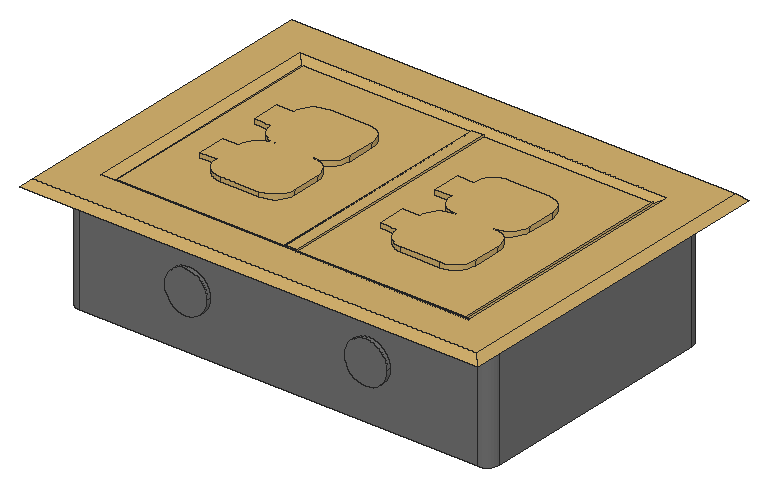
Revit family "Electrical_Equipment-Floor_Box-Hubbell_Wiring-2_Gang-Rectangular_Cast_Iron-B4214", category Electrical Fixtures, host Face, Revit 2015
Parameters (values of type "B4214 - 2 Gang - Brass Collar")
  Unit Height [instance] = 0' - 2"  # constant formula
  URL = "http://www.hubbell-wiring.com/"
  Right Cover Type [instance] = Covers : S3825 - Duplex Flap - Brass
  Product data url = "https://bimobject.com/hubbellwiring/product/systemone-b4214"
  Product Page URL = "http://ecatalog.hubbell-wiring.com/productinformation/viewcatalog.aspx?Dest=hubbell-wiring.com/press/catalog/L.pdf&Page=4"
  Product Documentation Link = "http://ecatalog.hubbell-wiring.com/press/catalog/L-12.pdf"
  Model = "B4214"
  Manufacturer = "Hubbell-Wiring"  # constant formula
  Left Cover Type [instance] = Covers : S3825 - Duplex Flap - Brass
  Floor Box Type = Cast Iron Concrete Floor Box : B4214 - Shallow Concrete Floor Box
  Description = "Flush Rectangular Cast Iron Concrete Floor Box"  # constant formula
  Default Elevation = 0' - 0"
  Cover Accessory Type [instance] = Carpet Flange : SB3084 - Carpet Flange - Brass
  Construction Note [instance] = "Match Collar Material to Covers"  # constant formula
  Conduit Connector_4 Description = "Conduit 0.75in. Connection"
  Conduit Connector_3 Description = "Conduit 0.75in. Connection"
  Conduit Connector_2 Description = "Conduit 0.75in. Connection"
  Conduit Connector_1 Description = "Conduit 0.75in. Connection"
  Conduit Connector 1 Radius = 0' - 0 3/8"
  Collar Material = Metal-Hubbell-Brass
  Box Material = Metal-Hubbell-Cast Iron
  Assembly Code = "D5020115"
Reference planes (in)
  plane 1 "Center (Front/Back)": y = 0
  plane 2: z = 0
  plane 3 "Center (Left/Right)": x = 0
  plane 4: y = -2.078
  plane 5: y = 2.078
  plane 6: x = -3.09543
  plane 7: x = 3.10096
Forms (in)
  Extrusion 1, void, detail levels fine
    sketch origin (0, 0, 0) x (1, 0, 0) y (0, 1, 0)
      loop
        line (-3.09543, 2.078) -> (-3.09543, -2.078) -> (3.10096, -2.078) -> (3.10096, 2.078) -> (-3.09543, 2.078)
    from 0 to -3.14844
Lines and regions (in)
  symbolic lines
    curve 1: line (-4.06445, 3, 0) -> (4.06445, 3, 0)
    curve 2: line (-4.06445, -3, 0) -> (-4.06445, 3, 0)
    curve 3: line (4.06445, -3, 0) -> (-4.06445, -3, 0)
    curve 4: line (4.06445, 3, 0) -> (4.06445, -3, 0)
Dimensions and locks (in)
  locked: host face to nested 3 at 0.04297
  plane 5 to plane 1 "Center (Front/Back)" to plane 4 = 0' - 2.078" locked, 0' - 2.078" locked
  plane 6 to plane 3 "Center (Left/Right)" to plane 7 = 0' - 3.09543" locked, 0' - 3.10096" locked
  Extrusion 1 to plane 3 "Center (Left/Right)" = 0' - 3.09543"
  aligned and locked: plane 2 to host face
  aligned and locked: level to host face
  aligned: level to Extrusion 1
  aligned and locked: plane 1 "Center (Front/Back)" to nested 1
  aligned: plane 2 to nested 1  (x5)
  aligned: Extrusion 1 to nested 1  (x8)
  aligned and locked: plane 1 "Center (Front/Back)" to nested 2
  aligned and locked: plane 3 "Center (Left/Right)" to nested 2
  aligned and locked: plane 3 "Center (Left/Right)" to nested 1
  aligned: nested 2 to plane 2  (x2)
  aligned: nested 2 to Extrusion 1
  aligned: nested 1 to Extrusion 1
  aligned: Extrusion 1 to nested 2
  aligned and locked: nested 2 to plane 2
  aligned and locked: host face to Extrusion 1
  aligned: plane 3 "Center (Left/Right)" to nested 3
  aligned and locked: plane 1 "Center (Front/Back)" to nested 3
  aligned and locked: Extrusion 1 to plane 5
  aligned and locked: Extrusion 1 to plane 4
  aligned and locked: plane 6 to Extrusion 1
  aligned and locked: nested 1 to plane 2
  aligned: nested 3 to nested 1
  aligned and locked: plane 1 "Center (Front/Back)" to nested 4
  aligned: nested 1 to nested 4
  aligned and locked: nested 3 to nested 4
  aligned and locked: Extrusion 1 sketch curve to plane 7
  aligned and locked: nested 4 to nested 1
  aligned and locked: nested 3 to nested 1
  aligned and locked: curve 1 to nested 2
  aligned and locked: curve 2 to nested 2
  aligned and locked: curve 3 to nested 2
  aligned and locked: curve 4 to nested 2
Nested families (in)
  nested 1: "Cast Iron Concrete Floor Box" at (0, 0, -0.0625), Unit Height <- "Unit Height", type <- "Floor Box Type", type "B4214 - Shallow Concrete Floor Box"
    with Unit Height 0' - 2"
  nested 2: "Carpet Flange" at (0, 0, 0), type <- "Cover Accessory Type", type "SB3084 - Carpet Flange - Brass"
  nested 3: "Covers" at (-1.59787, 0, -0.04297), type <- "Left Cover Type", type "S3825 - Duplex Flap - Brass"
  nested 4: "Covers" at (1.60446, 0, -0.04297), type <- "Right Cover Type", type "S3825 - Duplex Flap - Brass"
Connectors (in)
  cabletrayconduit at (-1.59787, -2.4075, -1.0625), diameter 0.75, driven by "Conduit Connector 1 Radius", driven by "Conduit Connector_1 Description"
    settings: on nested 1, index 1, connector width 1' - 0", connector height 1' - 0", connector angle 0.00°, system type 32, placement type 0, profile type 0, connector reference index -1, is primary connector yes, connector utility param no, connector description "Conduit 0.75in. Connection"
  cabletrayconduit at (1.59787, -2.4075, -1.0625), diameter 0.75, driven by "Conduit Connector 1 Radius", driven by "Conduit Connector_2 Description"
    settings: on nested 1, index 2, connector width 1' - 0", connector height 1' - 0", connector angle 0.00°, system type 32, placement type 0, profile type 0, connector reference index -1, is primary connector no, connector utility param no, connector description "Conduit 0.75in. Connection"
  cabletrayconduit at (1.59787, 2.4075, -2.4375), diameter 0.75, driven by "Conduit Connector 1 Radius", driven by "Conduit Connector_3 Description"
    settings: on nested 1, index 4, connector width 1' - 0", connector height 1' - 0", connector angle 0.00°, system type 32, placement type 0, profile type 0, connector reference index -1, is primary connector no, connector utility param no, connector description "Conduit 0.75in. Connection"
  cabletrayconduit at (-1.59787, 2.4075, -2.4375), diameter 0.75, driven by "Conduit Connector 1 Radius", driven by "Conduit Connector_4 Description"
    settings: on nested 1, index 5, connector width 1' - 0", connector height 1' - 0", connector angle 0.00°, system type 32, placement type 0, profile type 0, connector reference index -1, is primary connector no, connector utility param no, connector description "Conduit 0.75in. Connection"
Definition of nested family "Cast Iron Concrete Floor Box"
  Parameters
    Unit Height [instance] = 0' - 2"
    Cover Material = none
    Conduit Connector Offset = 0' - 1"  # constant formula
    Conduit Connector 1 Radius = 0' - 0 3/8"
    Can Material = none
    Assembly Code = ""
  Reference planes (in)
    plane 1 "Center (Front/Back)": y = 0
    plane 2: z = 0
    plane 3 "Center (Left/Right)": x = 0
    plane 4: z = -2
    plane 5: z = -1
    plane 6: z = -0.82416
    plane 7: x = -3.745
    plane 8: x = 3.745
    plane 9: x = -3.8075
    plane 10: x = 3.8075
    plane 11: x = -1.59787
    plane 12: x = 1.60446
    plane 13: x = -3.20233
    plane 14: x = 3.20233
  Forms (in)
    Extrusion 1, solid, material <- "Can Material"
      sketch origin (-1.59787, 0, 0) x (1, 0, 0) y (0, 0, -1)
        loop
          arc (-0.375, 1) -> (-0.26517, 0.73483) -> (0, 0.625) r 0.375
          arc (0, 0.625) -> (0.26517, 0.73483) -> (0.375, 1) r 0.375
          arc (0.375, 1) -> (0.26517, 1.26517) -> (0, 1.375) r 0.375
          arc (0, 1.375) -> (-0.26517, 1.26517) -> (-0.375, 1) r 0.375
      from -2.13518 to -2.4075
    Extrusion 2, solid, material <- "Can Material"
      sketch origin (-1.59787, 0, 0) x (1, 0, 0) y (0, 0, 1)
        loop
          arc (-0.375, -1) -> (-0.26517, -1.26517) -> (0, -1.375) r 0.375
          arc (0, -1.375) -> (0.26517, -1.26517) -> (0.375, -1) r 0.375
          arc (0.375, -1) -> (0.26517, -0.73483) -> (0, -0.625) r 0.375
          arc (0, -0.625) -> (-0.26517, -0.73483) -> (-0.375, -1) r 0.375
      from -2.345 to -2.4075
    Extrusion 3, solid, material <- "Can Material"
      sketch origin (0.92025, 0.30752, 7.9375) x (1, 0, 0) y (0, 1, 0)
        loop
          arc (-4.45543, 2.03748) -> (-4.6038, 1.97602) -> (-4.66525, 1.82766) r 0.20982
          line (-4.66525, 1.82766) -> (-4.66525, -2.43885)
          arc (-4.66525, -2.43885) -> (-4.60455, -2.5854) -> (-4.45801, -2.6461) r 0.20725
          line (-4.45801, -2.6461) -> (2.60836, -2.6461)
          arc (2.60836, -2.6461) -> (2.76137, -2.58272) -> (2.82475, -2.42971) r 0.21639
          line (2.82475, -2.42971) -> (2.82475, 1.83391)
          arc (2.82475, 1.83391) -> (2.76513, 1.97785) -> (2.62118, 2.03748) r 0.20357
          line (2.62118, 2.03748) -> (-4.45543, 2.03748)
        loop
          line (-4.12258, 1.77048) -> (-4.12258, -2.38552) -> (2.28208, -2.38552) -> (2.28208, 1.77048) -> (-4.12258, 1.77048)
      from -9.9375 to -7.9375
    Extrusion 4, solid, material <- "Cover Material"
      sketch origin (-1.59787, 0, 0.22509) x (1, 0, 0) y (0, 1, 0)
        loop
          line (-1.49661, 2.078) -> (-1.49661, -2.078) -> (1.4965, -2.078) -> (1.4965, 2.078) -> (-1.49661, 2.078)
        loop
          arc (-1.49742, 2.345) -> (-1.57311, 2.31365) -> (-1.60446, 2.23796) r 0.10704
          line (-1.60446, 2.23796) -> (-1.60446, -2.23167)
          arc (-1.60446, -2.23167) -> (-1.57315, -2.30726) -> (-1.49756, -2.33857) r 0.1069
          line (-1.49756, -2.33857) -> (1.49823, -2.33857)
          arc (1.49823, -2.33857) -> (1.56869, -2.30939) -> (1.59787, -2.23893) r 0.09964
          line (1.59787, -2.23893) -> (1.59787, 2.24543)
          arc (1.59787, 2.24543) -> (1.56871, 2.31584) -> (1.4983, 2.345) r 0.09957
          line (1.4983, 2.345) -> (-1.49742, 2.345)
      from -0.39425 to -0.22509
    Extrusion 5, solid, material <- "Cover Material"
      sketch origin (-1.59787, 0, 0) x (1, 0, 0) y (0, 1, 0)
        loop
          arc (-1.49742, 2.345) -> (-1.57311, 2.31365) -> (-1.60446, 2.23796) r 0.10704
          line (-1.60446, 2.23796) -> (-1.60446, -2.23167)
          arc (-1.60446, -2.23167) -> (-1.57315, -2.30726) -> (-1.49756, -2.33857) r 0.1069
          line (-1.49756, -2.33857) -> (1.49823, -2.33857)
          arc (1.49823, -2.33857) -> (1.56869, -2.30939) -> (1.59787, -2.23893) r 0.09964
          line (1.59787, -2.23893) -> (1.59787, 2.24543)
          arc (1.59787, 2.24543) -> (1.56871, 2.31584) -> (1.4983, 2.345) r 0.09957
          line (1.4983, 2.345) -> (-1.49742, 2.345)
        loop
          line (-1.49661, 2.078) -> (-1.49661, -2.078) -> (1.4965, -2.078) -> (1.4965, 2.078) -> (-1.49661, 2.078)
      from 0 to 0.0625
    Extrusion 6, solid, material <- "Can Material"
      sketch origin (1.60446, 0, 7.9375) x (1, 0, 0) y (0, 1, 0)
        loop
          line (-1.4965, 2.078) -> (-1.4965, -2.078) -> (1.49099, -2.078) -> (1.49099, 2.078) -> (-1.4965, 2.078)
        loop
          line (-1.59616, 2.23796) -> (-1.59616, -2.23167)
          arc (-1.59616, -2.23167) -> (-1.56485, -2.30726) -> (-1.48926, -2.33857) r 0.1069
          line (-1.48926, -2.33857) -> (1.49823, -2.33857)
          arc (1.49823, -2.33857) -> (1.56869, -2.30939) -> (1.59787, -2.23893) r 0.09964
          line (1.59787, -2.23893) -> (1.59787, 2.24543)
          arc (1.59787, 2.24543) -> (1.56871, 2.31584) -> (1.4983, 2.345) r 0.09957
          line (1.4983, 2.345) -> (-1.48911, 2.345)
          arc (-1.48911, 2.345) -> (-1.5648, 2.31365) -> (-1.59616, 2.23796) r 0.10704
      from -8.76166 to -8.10666
    Extrusion 7, solid, material <- "Can Material"
      sketch origin (1.59787, 0, 0) x (-1, 0, 0) y (0, 0, 1)
        loop
          arc (-0.375, -1) -> (-0.26517, -1.26517) -> (0, -1.375) r 0.375
          arc (0, -1.375) -> (0.26517, -1.26517) -> (0.375, -1) r 0.375
          arc (0.375, -1) -> (0.26517, -0.73483) -> (0, -0.625) r 0.375
          arc (0, -0.625) -> (-0.26517, -0.73483) -> (-0.375, -1) r 0.375
      from -2.13518 to -2.4075
    Extrusion 8, solid, material <- "Can Material"
      sketch origin (1.59787, 0, 0) x (-1, 0, 0) y (0, 0, -1)
        loop
          arc (-0.375, 1) -> (-0.26517, 0.73483) -> (0, 0.625) r 0.375
          arc (0, 0.625) -> (0.26517, 0.73483) -> (0.375, 1) r 0.375
          arc (0.375, 1) -> (0.26517, 1.26517) -> (0, 1.375) r 0.375
          arc (0, 1.375) -> (-0.26517, 1.26517) -> (-0.375, 1) r 0.375
      from -2.345 to -2.4075
    Extrusion 9, solid, material <- "Can Material"
      sketch origin (-1.60446, 0, 7.9375) x (-1, 0, 0) y (0, -1, 0)
        loop
          line (-1.4965, -2.078) -> (1.49002, -2.078) -> (1.49002, 2.078) -> (-1.4965, 2.078) -> (-1.4965, -2.078)
        loop
          arc (-1.59616, -2.23796) -> (-1.5648, -2.31365) -> (-1.48911, -2.345) r 0.10704
          line (-1.48911, -2.345) -> (1.4983, -2.345)
          arc (1.4983, -2.345) -> (1.56871, -2.31584) -> (1.59787, -2.24543) r 0.09957
          line (1.59787, -2.24543) -> (1.59787, 2.23893)
          arc (1.59787, 2.23893) -> (1.56869, 2.30939) -> (1.49823, 2.33857) r 0.09964
          line (1.49823, 2.33857) -> (-1.48926, 2.33857)
          arc (-1.48926, 2.33857) -> (-1.56485, 2.30726) -> (-1.59616, 2.23167) r 0.1069
          line (-1.59616, 2.23167) -> (-1.59616, -2.23796)
      from -8.76166 to -8.10666
    Extrusion 10, solid, material <- "Cover Material"
      sketch origin (1.60446, 0, 0.22509) x (1, 0, 0) y (0, 1, 0)
        loop
          line (-1.4965, 2.078) -> (-1.4965, -2.078) -> (1.49099, -2.078) -> (1.49099, 2.078) -> (-1.4965, 2.078)
        loop
          arc (-1.49742, 2.345) -> (-1.57311, 2.31365) -> (-1.60446, 2.23796) r 0.10704
          line (-1.60446, 2.23796) -> (-1.60446, -2.23167)
          arc (-1.60446, -2.23167) -> (-1.57315, -2.30726) -> (-1.49756, -2.33857) r 0.1069
          line (-1.49756, -2.33857) -> (1.49823, -2.33857)
          arc (1.49823, -2.33857) -> (1.56869, -2.30939) -> (1.59787, -2.23893) r 0.09964
          line (1.59787, -2.23893) -> (1.59787, 2.24543)
          arc (1.59787, 2.24543) -> (1.56871, 2.31584) -> (1.4983, 2.345) r 0.09957
          line (1.4983, 2.345) -> (-1.49742, 2.345)
      from -0.39425 to -0.22509
    Extrusion 11, solid, material <- "Cover Material"
      sketch origin (1.60446, 0, 0) x (1, 0, 0) y (0, 1, 0)
        loop
          arc (-1.49742, 2.345) -> (-1.57311, 2.31365) -> (-1.60446, 2.23796) r 0.10704
          line (-1.60446, 2.23796) -> (-1.60446, -2.23167)
          arc (-1.60446, -2.23167) -> (-1.57315, -2.30726) -> (-1.49756, -2.33857) r 0.1069
          line (-1.49756, -2.33857) -> (1.49823, -2.33857)
          arc (1.49823, -2.33857) -> (1.56869, -2.30939) -> (1.59787, -2.23893) r 0.09964
          line (1.59787, -2.23893) -> (1.59787, 2.24543)
          arc (1.59787, 2.24543) -> (1.56871, 2.31584) -> (1.4983, 2.345) r 0.09957
          line (1.4983, 2.345) -> (-1.49742, 2.345)
        loop
          line (-1.4965, 2.078) -> (-1.4965, -2.078) -> (1.49099, -2.078) -> (1.49099, 2.078) -> (-1.4965, 2.078)
      from 0 to 0.0625
    Extrusion 12, solid, material <- "Cover Material"
      sketch origin (0, 0, 0) x (1, 0, 0) y (0, 1, 0)
        loop
          line (-0.10796, 2.078) -> (-0.10796, -2.078) -> (0.10796, -2.078) -> (0.10796, 2.078) -> (-0.10796, 2.078)
      from 0.0625 to 0.125
    Extrusion 13, solid, material <- "Can Material"
      sketch origin (0.92025, 0.30752, 7.9375) x (1, 0, 0) y (0, 1, 0)
        loop
          arc (-4.45543, 2.03748) -> (-4.6038, 1.97602) -> (-4.66525, 1.82766) r 0.20982
          line (-4.66525, 1.82766) -> (-4.66525, -2.43885)
          arc (-4.66525, -2.43885) -> (-4.60455, -2.5854) -> (-4.45801, -2.6461) r 0.20725
          line (-4.45801, -2.6461) -> (2.60836, -2.6461)
          arc (2.60836, -2.6461) -> (2.76137, -2.58272) -> (2.82475, -2.42971) r 0.21639
          line (2.82475, -2.42971) -> (2.82475, 1.83391)
          arc (2.82475, 1.83391) -> (2.76513, 1.97785) -> (2.62118, 2.03748) r 0.20357
          line (2.62118, 2.03748) -> (-4.45543, 2.03748)
      from -9.9375 to -9.8029
  Cuts and joins
    joined: Extrusion 1, Extrusion 2, Extrusion 3, Extrusion 6, Extrusion 7, Extrusion 8, Extrusion 9, Extrusion 13
    joined: Extrusion 4, Extrusion 5, Extrusion 12
    joined: Extrusion 10, Extrusion 11
  Dimensions and locks (in)
    "Conduit Connector Offset": plane 5 to plane 4
    "Unit Height": level to plane 4
    locked: plane 9 to plane 7 at 0.0625
    plane 7 to plane 3 "Center (Left/Right)" = 0' - 3.745"
    equal spacing: plane 7, plane 3 "Center (Left/Right)", plane 8
    locked: plane 8 to plane 10 at 0.0625
    "Conduit Connector 1 Radius": radius of Extrusion 1 sketch curve
    "Conduit Connector 1 Radius": radius of Extrusion 2 sketch curve
    "Conduit Connector 1 Radius": radius of Extrusion 7 sketch curve
    "Conduit Connector 1 Radius": radius of Extrusion 8 sketch curve
    aligned and locked: plane 2 to level
    aligned: cut or joined group 1 (Extrusion 1, Extrusion 2, Extrusion 3, Extrusion 6, Extrusion 7, Extrusion 8, Extrusion 9, Extrusion 13) to cut or joined group 1  (x5)
    aligned: Extrusion 3 to cut or joined group 1
    aligned: plane 4 to Extrusion 3
    aligned: cut or joined group 1 to plane 4  (x5)
    aligned and locked: cut or joined group 1 to plane 4
    aligned: plane 5 to Extrusion 3
    aligned: plane 5 to cut or joined group 1
    aligned and locked: plane 8 to Extrusion 3 sketch curve
    aligned and locked: plane 7 to Extrusion 3 sketch curve
    aligned and locked: plane 11 to cut or joined group 1  (x2)
    aligned and locked: level to Extrusion 3
  Automatic sketch dimensions
    Extrusion 1 sketch curve to Extrusion 1 sketch curve = 0' - 0"
    Extrusion 1 sketch curve to plane 5 = 0' - 0"
    plane 11 to Extrusion 1 sketch curve = 0' - 0"
    Extrusion 2 sketch curve to Extrusion 2 sketch curve = 0' - 0"
    Extrusion 2 sketch curve to plane 5 = 0' - 0"
    plane 11 to Extrusion 2 sketch curve = 0' - 0"
    Extrusion 4 sketch curve to plane 3 "Center (Left/Right)" = 0' - 0"
    Extrusion 4 sketch curve to plane 3 "Center (Left/Right)" = 0' - 0.09957"
    Extrusion 4 sketch curve to plane 3 "Center (Left/Right)" = 0' - 0.09964"
    Extrusion 4 sketch curve to plane 3 "Center (Left/Right)" = 0' - 0.10137"
    plane 7 to Extrusion 4 sketch curve = 0' - 0.65052"
    Extrusion 4 sketch curve to Extrusion 4 sketch curve = 0' - 0.00081"
    Extrusion 4 sketch curve to Extrusion 4 sketch curve = 0' - 0.00095"
    Extrusion 4 sketch curve to Extrusion 4 sketch curve = 0' - 0.1069"
    plane 1 "Center (Front/Back)" to Extrusion 4 sketch curve = 0' - 2.33857"
    Extrusion 4 sketch curve to Extrusion 4 sketch curve = 0' - 0.16093"
    Extrusion 4 sketch curve to plane 1 "Center (Front/Back)" = 0' - 2.078"
    Extrusion 4 sketch curve to Extrusion 4 sketch curve = 0' - 0.15996"
    Extrusion 5 sketch curve to plane 3 "Center (Left/Right)" = 0' - 0"
    Extrusion 5 sketch curve to plane 3 "Center (Left/Right)" = 0' - 0.09957"
    Extrusion 5 sketch curve to plane 3 "Center (Left/Right)" = 0' - 0.09964"
    Extrusion 5 sketch curve to plane 3 "Center (Left/Right)" = 0' - 0.10137"
    plane 7 to Extrusion 5 sketch curve = 0' - 0.65052"
    Extrusion 5 sketch curve to Extrusion 5 sketch curve = 0' - 0.00081"
    Extrusion 5 sketch curve to Extrusion 5 sketch curve = 0' - 0.00095"
    Extrusion 5 sketch curve to Extrusion 5 sketch curve = 0' - 0.10704"
    plane 1 "Center (Front/Back)" to Extrusion 5 sketch curve = 0' - 2.33857"
    Extrusion 5 sketch curve to Extrusion 5 sketch curve = 0' - 0.15367"
    Extrusion 5 sketch curve to plane 1 "Center (Front/Back)" = 0' - 2.078"
    Extrusion 5 sketch curve to Extrusion 5 sketch curve = 0' - 0.15996"
    plane 3 "Center (Left/Right)" to Extrusion 6 sketch curve = 0' - 0.0083"
    plane 3 "Center (Left/Right)" to Extrusion 6 sketch curve = 0' - 0.10796"
    plane 3 "Center (Left/Right)" to Extrusion 6 sketch curve = 0' - 0.1152"
    Extrusion 6 sketch curve to Extrusion 6 sketch curve = 0' - 0.10704"
    plane 8 to Extrusion 6 sketch curve = 0' - 0.64955"
    Extrusion 6 sketch curve to Extrusion 6 sketch curve = 0' - 0.00724"
    Extrusion 6 sketch curve to Extrusion 6 sketch curve = 0' - 0.0073"
    Extrusion 6 sketch curve to Extrusion 6 sketch curve = 0' - 0.09957"
    plane 1 "Center (Front/Back)" to Extrusion 6 sketch curve = 0' - 2.33857"
    Extrusion 6 sketch curve to Extrusion 6 sketch curve = 0' - 0.15367"
    Extrusion 6 sketch curve to plane 1 "Center (Front/Back)" = 0' - 2.078"
    Extrusion 6 sketch curve to Extrusion 6 sketch curve = 0' - 0.15996"
    Extrusion 7 sketch curve to Extrusion 7 sketch curve = 0' - 0"
    Extrusion 7 sketch curve to plane 5 = 0' - 0"
    Extrusion 7 sketch curve to plane 12 = 0' - 0.36841"
    Extrusion 8 sketch curve to Extrusion 8 sketch curve = 0' - 0"
    Extrusion 8 sketch curve to plane 5 = 0' - 0"
    Extrusion 8 sketch curve to plane 12 = 0' - 0.36841"
    Extrusion 9 sketch curve to plane 3 "Center (Left/Right)" = 0' - 0.0083"
    Extrusion 9 sketch curve to plane 3 "Center (Left/Right)" = 0' - 0.10796"
    Extrusion 9 sketch curve to plane 3 "Center (Left/Right)" = 0' - 0.1152"
    Extrusion 9 sketch curve to Extrusion 9 sketch curve = 0' - 0.10704"
    plane 7 to Extrusion 9 sketch curve = 0' - 0.65052"
    Extrusion 9 sketch curve to Extrusion 9 sketch curve = 0' - 0.00821"
    Extrusion 9 sketch curve to Extrusion 9 sketch curve = 0' - 0.00827"
    Extrusion 9 sketch curve to Extrusion 9 sketch curve = 0' - 0.09957"
    Extrusion 9 sketch curve to plane 1 "Center (Front/Back)" = 0' - 2.345"
    Extrusion 9 sketch curve to Extrusion 9 sketch curve = 0' - 0.16743"
    plane 1 "Center (Front/Back)" to Extrusion 9 sketch curve = 0' - 2.078"
    Extrusion 9 sketch curve to Extrusion 9 sketch curve = 0' - 0.15367"
    Extrusion 10 sketch curve to plane 3 "Center (Left/Right)" = 0' - 0"
    plane 3 "Center (Left/Right)" to Extrusion 10 sketch curve = 0' - 0.1069"
    plane 3 "Center (Left/Right)" to Extrusion 10 sketch curve = 0' - 0.10704"
    plane 3 "Center (Left/Right)" to Extrusion 10 sketch curve = 0' - 0.10796"
    plane 8 to Extrusion 10 sketch curve = 0' - 0.64955"
    Extrusion 10 sketch curve to Extrusion 10 sketch curve = 0' - 0.00724"
    Extrusion 10 sketch curve to Extrusion 10 sketch curve = 0' - 0.0073"
    Extrusion 10 sketch curve to Extrusion 10 sketch curve = 0' - 0.09964"
    plane 1 "Center (Front/Back)" to Extrusion 10 sketch curve = 0' - 2.33857"
    Extrusion 10 sketch curve to Extrusion 10 sketch curve = 0' - 0.16093"
    Extrusion 10 sketch curve to plane 1 "Center (Front/Back)" = 0' - 2.078"
    Extrusion 10 sketch curve to Extrusion 10 sketch curve = 0' - 0.15996"
    Extrusion 11 sketch curve to plane 3 "Center (Left/Right)" = 0' - 0"
    Extrusion 11 sketch curve to Extrusion 11 sketch curve = 0' - 0.1069"
    Extrusion 11 sketch curve to Extrusion 11 sketch curve = 0' - 0.10704"
    plane 3 "Center (Left/Right)" to Extrusion 11 sketch curve = 0' - 0.10796"
    plane 8 to Extrusion 11 sketch curve = 0' - 0.64955"
    Extrusion 11 sketch curve to Extrusion 11 sketch curve = 0' - 0.00724"
    Extrusion 11 sketch curve to Extrusion 11 sketch curve = 0' - 0.0073"
    Extrusion 11 sketch curve to Extrusion 11 sketch curve = 0' - 0.09957"
    plane 1 "Center (Front/Back)" to Extrusion 11 sketch curve = 0' - 2.33857"
    Extrusion 11 sketch curve to Extrusion 11 sketch curve = 0' - 0.15367"
    Extrusion 11 sketch curve to plane 1 "Center (Front/Back)" = 0' - 2.078"
    Extrusion 11 sketch curve to Extrusion 11 sketch curve = 0' - 0.15996"
    Extrusion 12 sketch curve to plane 3 "Center (Left/Right)" = 0' - 0.10796"
    plane 3 "Center (Left/Right)" to Extrusion 12 sketch curve = 0' - 0.10796"
    plane 1 "Center (Front/Back)" to Extrusion 12 sketch curve = 0' - 2.078"
    Extrusion 12 sketch curve to plane 1 "Center (Front/Back)" = 0' - 2.078"
    plane 7 to Extrusion 3 sketch curve = 0' - 0.20725"
    plane 7 to Extrusion 3 sketch curve = 0' - 0.20982"
    Extrusion 3 sketch curve to Extrusion 3 sketch curve = 0' - 0.33285"
    plane 8 to Extrusion 3 sketch curve = 0' - 0.54267"
    Extrusion 3 sketch curve to Extrusion 3 sketch curve = 0' - 0.21639"
    plane 8 to Extrusion 3 sketch curve = 0' - 0.20357"
    plane 1 "Center (Front/Back)" to Extrusion 3 sketch curve = 0' - 2.33857"
    Extrusion 3 sketch curve to Extrusion 3 sketch curve = 0' - 0.05333"
    Extrusion 3 sketch curve to plane 1 "Center (Front/Back)" = 0' - 2.078"
    Extrusion 3 sketch curve to Extrusion 3 sketch curve = 0' - 0.05718"
    Extrusion 13 sketch curve to plane 7 = 0' - 0"
    Extrusion 13 sketch curve to plane 8 = 0' - 0"
    plane 7 to Extrusion 13 sketch curve = 0' - 0.20725"
    plane 7 to Extrusion 13 sketch curve = 0' - 0.20982"
    Extrusion 13 sketch curve to Extrusion 13 sketch curve = 0' - 0.21639"
    plane 8 to Extrusion 13 sketch curve = 0' - 0.20357"
    plane 1 "Center (Front/Back)" to Extrusion 13 sketch curve = 0' - 2.33857"
    Extrusion 13 sketch curve to plane 1 "Center (Front/Back)" = 0' - 2.13518"
Definition of nested family "Carpet Flange"
  Parameters
    Width = 0' - 6"
    Length = 0' - 8 33/256"  # constant formula
    Cover Material = none
    Carpet Flange On = yes
    Assembly Code = ""
  Reference planes (in)
    plane 1 "Center (Front/Back)": y = 0
    plane 2: z = 0
    plane 3 "Center (Left/Right)": x = 0
    plane 4: z = 0.125
  Forms (in)
    Sweep 1, solid, material <- "Cover Material", visible <- "Carpet Flange On"
      path in 3D
        loop
          line (-4.06445, -3, 0) -> (4.06445, -3, 0) -> (4.06445, 3, 0) -> (-4.06445, 3, 0) -> (-4.06445, -3, 0)
      profile origin (-4.06445, 0, 0) x (1, 0, 0) y (0, 0, 1)
        loop
          line (0, 0) -> (0.94094, 0) -> (0.94094, 0.03877) -> (0.79, 0.125) -> (0.125, 0.125) -> (0, 0)
  Lines and regions (in)
    Masking region 1
      outline origin (3.27995, 0.00006, 0) x (1, 0, 0) y (0, 1, 0)
        loop
          line (-7.3444, 3.00006) -> (-7.3444, -3.00006) -> (0.7845, -3.00006) -> (0.7845, 3.00006) -> (-7.3444, 3.00006)
    reference lines
      curve 1: line (-4.06445, 3, 0) -> (-4.06445, -3, 0)
      curve 2: line (-4.06445, -3, 0) -> (4.06445, -3, 0)
      curve 3: line (4.06445, -3, 0) -> (4.06445, 3, 0)
      curve 4: line (4.06445, 3, 0) -> (-4.06445, 3, 0)
    sketch lines
      curve 5: line (-4.06445, 3, 0) -> (-4.06445, -3, 0)
      curve 6: line (4.06445, 3, 0) -> (-4.06445, 3, 0)
      curve 7: line (4.06445, -3, 0) -> (4.06445, 3, 0)
      curve 8: line (-4.06445, -3, 0) -> (4.06445, -3, 0)
  Dimensions and locks (in)
    "Length": curve 1 to curve 3
    equal spacing: curve 1, plane 3 "Center (Left/Right)", curve 3
    aligned and locked: plane 2 to level
    aligned and locked: curve 7 to curve 3
    aligned and locked: Masking region 1 to curve 3
    aligned and locked: Masking region 1 to curve 1
    aligned and locked: curve 5 to curve 1
  Automatic sketch dimensions
    plane 1 "Center (Front/Back)" to curve 1 = 0' - 3"
    curve 3 to plane 1 "Center (Front/Back)" = 0' - 3"
    Masking region 1 sketch curve to plane 3 "Center (Left/Right)" = 0' - 4.06445"
    plane 3 "Center (Left/Right)" to Masking region 1 sketch curve = 0' - 4.06445"
    plane 1 "Center (Front/Back)" to Masking region 1 sketch curve = 0' - 3"
    Masking region 1 sketch curve to plane 1 "Center (Front/Back)" = 0' - 3.00011"
    profile plane to Sweep 1 sketch curve = 0' - 0"
    Sweep 1 sketch curve to plane 4 = 0' - 0"
    Sweep 1 sketch curve to profile plane = 0' - 0"
    Sweep 1 sketch curve to profile plane = 0' - 0 1/8"
    Sweep 1 sketch curve to Sweep 1 sketch curve = 0' - 0.665"
    Sweep 1 sketch curve to Sweep 1 sketch curve = 0' - 0.15094"
    profile plane to Sweep 1 sketch curve = 0' - 0.03877"
Definition of nested family "Covers"
  Parameters
    Style Line Flap = no
    Duplex Screw = no
    Duplex Flap = yes
    Cover Material = none
    Combination Flap = no
    Box = yes
    Assembly Code = ""
  Reference planes (in)
    plane 1 "Center (Front/Back)": y = 0
    plane 2: z = 0
    plane 3 "Center (Left/Right)": x = 0
  Forms (in)
    Extrusion 1, solid, material <- "Cover Material", visible <- "Duplex Flap", detail levels medium+fine
      sketch origin (0, 0, -0.03016) x (1, 0, 0) y (0, 1, 0)
        loop
          arc (-0.34332, 1.20711) -> (-0.59332, 1.10355) -> (-0.69687, 0.85355) r 0.35355
          line (-0.69687, 0.85355) -> (-0.98976, 0.85355) -> (-0.98976, 0.35355) -> (-0.69687, 0.35355)
          arc (-0.69687, 0.35355) -> (-0.59332, 0.10355) -> (-0.34332, 0) r 0.35355
          arc (-0.34332, 0) -> (-0.59332, -0.10355) -> (-0.69687, -0.35355) r 0.35355
          line (-0.69687, -0.35355) -> (-0.98976, -0.35355) -> (-0.98976, -0.85355) -> (-0.69687, -0.85355)
          arc (-0.69687, -0.85355) -> (-0.59332, -1.10355) -> (-0.34332, -1.20711) r 0.35355
          line (-0.34332, -1.20711) -> (0.34332, -1.20711)
          arc (0.34332, -1.20711) -> (0.59332, -1.10355) -> (0.69687, -0.85355) r 0.35355
          line (0.69687, -0.85355) -> (0.69687, -0.35355)
          arc (0.69687, -0.35355) -> (0.59332, -0.10355) -> (0.34332, 0) r 0.35355
          arc (0.34332, 0) -> (0.59332, 0.10355) -> (0.69687, 0.35355) r 0.35355
          line (0.69687, 0.35355) -> (0.69687, 0.85355)
          arc (0.69687, 0.85355) -> (0.59332, 1.10355) -> (0.34332, 1.20711) r 0.35355
          line (0.34332, 1.20711) -> (-0.34332, 1.20711)
      from 0.12 to 0.20228
    Extrusion 2, solid, material <- "Cover Material", visible <- "Combination Flap", detail levels medium+fine
      sketch origin (0.0053, 0, -0.03016) x (1, 0, 0) y (0, 1, 0)
        loop
          circle (0, 0) r 1
        loop
          line (-0.08565, 0.54465) -> (-0.08565, -0.54465) -> (0.0625, -0.54465) -> (0.0625, 0.54465) -> (-0.08565, 0.54465)
      from 0.12 to 0.20228
    Extrusion 3, solid, material <- "Cover Material", visible <- "Duplex Screw", detail levels medium+fine
      sketch origin (0.01567, 0.75003, -0.03016) x (1, 0, 0) y (0, 1, 0)
        loop
          circle (-0.01567, -0.00003) r 0.75
        loop
          line (-0.07309, 0.39733) -> (-0.07309, -0.41965) -> (0.0625, -0.41965) -> (0.0625, 0.39733) -> (-0.07309, 0.39733)
      from 0.12 to 0.20228
    Extrusion 4, solid, material <- "Cover Material", visible <- "Duplex Screw", detail levels medium+fine
      sketch origin (-0.01567, -0.75003, -0.03016) x (-1, 0, 0) y (0, -1, 0)
        loop
          circle (-0.01567, -0.00003) r 0.75
        loop
          line (-0.07309, 0.39733) -> (-0.07309, -0.41965) -> (0.0625, -0.41965) -> (0.0625, 0.39733) -> (-0.07309, 0.39733)
      from 0.12 to 0.20228
    Extrusion 5, solid, material <- "Cover Material", visible <- "Box"
      sketch origin (0, 0, 0.38984) x (1, 0, 0) y (0, 1, 0)
        loop
          line (-1.4965, 2.078) -> (-1.4965, -2.078) -> (1.4965, -2.078) -> (1.4965, 2.078) -> (-1.4965, 2.078)
      from -0.44 to -0.3
    Extrusion 6, solid, material <- "Cover Material", visible <- "Style Line Flap", detail levels medium+fine
      sketch origin (0, 0, -0.03016) x (1, 0, 0) y (0, 1, 0)
        loop
          line (-0.69687, 1.20711) -> (-0.69687, 0.85355) -> (-0.98976, 0.85355) -> (-0.98976, 0.35355) -> (-0.69687, 0.35355) -> (-0.69687, -0.35355) -> (-0.98976, -0.35355) -> (-0.98976, -0.85355) -> (-0.69687, -0.85355) -> (-0.69687, -1.20711) -> (0.69687, -1.20711) -> (0.69687, -0.24767) -> (0.69687, 1.20711) -> (-0.69687, 1.20711)
      from 0.12 to 0.20228
  Lines and regions (in)
    Masking region 1, detail levels medium+fine
      outline origin (0, 0, 0) x (1, 0, 0) y (0, 1, 0)
        loop
          line (-1.4965, 2.078) -> (-1.4965, -2.078) -> (1.4965, -2.078) -> (1.4965, 2.078) -> (-1.4965, 2.078)
    symbolic lines, visible <- "Duplex Screw", detail levels fine
      curve 1: arc (0, 1.5, 0) -> (-0.75, 0.75, 0) -> (0, 0, 0) r 0.75
      curve 2: arc (0, 0, 0) -> (0.75, 0.75, 0) -> (0, 1.5, 0) r 0.75
      curve 3: line (0.07893, 1.16886, 0) -> (0.07893, 0.35188, 0)
      curve 4: line (0.07893, 0.35188, 0) -> (-0.05666, 0.35188, 0)
      curve 5: line (-0.05666, 0.35188, 0) -> (-0.05666, 1.16886, 0)
      curve 6: line (-0.05666, 1.16886, 0) -> (0.07893, 1.16886, 0)
      curve 7: arc (0, 0, 0) -> (-0.75, -0.75, 0) -> (0, -1.5, 0) r 0.75
      curve 8: arc (0, -1.5, 0) -> (0.75, -0.75, 0) -> (0, 0, 0) r 0.75
      curve 9: line (-0.05666, -1.14812, 0) -> (-0.05666, -0.33114, 0)
      curve 10: line (0.07893, -1.14812, 0) -> (-0.05666, -1.14812, 0)
      curve 11: line (0.07893, -0.33114, 0) -> (0.07893, -1.14812, 0)
      curve 12: line (-0.05666, -0.33114, 0) -> (0.07893, -0.33114, 0)
    symbolic lines, visible <- "Duplex Flap", detail levels fine
      curve 13: arc (-0.69687, -0.85355, 0) -> (-0.59332, -1.10355, 0) -> (-0.34332, -1.20711, 0) r 0.35355
      curve 14: line (-0.34332, -1.20711, 0) -> (0.34332, -1.20711, 0)
      curve 15: arc (0.34332, -1.20711, 0) -> (0.59332, -1.10355, 0) -> (0.69687, -0.85355, 0) r 0.35355
      curve 16: line (0.69687, -0.85355, 0) -> (0.69687, -0.35355, 0)
      curve 17: arc (0.69687, -0.35355, 0) -> (0.59332, -0.10355, 0) -> (0.34332, 0, 0) r 0.35355
      curve 18: arc (0.34332, 0, 0) -> (0.59332, 0.10355, 0) -> (0.69687, 0.35355, 0) r 0.35355
      curve 19: line (0.69687, 0.35355, 0) -> (0.69687, 0.85355, 0)
      curve 20: arc (0.69687, 0.85355, 0) -> (0.59332, 1.10355, 0) -> (0.34332, 1.20711, 0) r 0.35355
      curve 21: line (0.34332, 1.20711, 0) -> (-0.34332, 1.20711, 0)
      curve 22: arc (-0.34332, 1.20711, 0) -> (-0.59332, 1.10355, 0) -> (-0.69687, 0.85355, 0) r 0.35355
      curve 23: line (-0.69687, 0.85355, 0) -> (-0.98976, 0.85355, 0)
      curve 24: line (-0.98976, 0.85355, 0) -> (-0.98976, 0.35355, 0)
      curve 25: line (-0.98976, 0.35355, 0) -> (-0.69687, 0.35355, 0)
      curve 26: arc (-0.69687, 0.35355, 0) -> (-0.59332, 0.10355, 0) -> (-0.34332, 0, 0) r 0.35355
      curve 27: arc (-0.34332, 0, 0) -> (-0.59332, -0.10355, 0) -> (-0.69687, -0.35355, 0) r 0.35355
      curve 28: line (-0.69687, -0.35355, 0) -> (-0.98976, -0.35355, 0)
      curve 29: line (-0.98976, -0.35355, 0) -> (-0.98976, -0.85355, 0)
      curve 30: line (-0.98976, -0.85355, 0) -> (-0.69687, -0.85355, 0)
    symbolic lines, visible <- "Combination Flap", detail levels fine
      curve 31: arc (-0.9947, 0, 0) -> (0.0053, -1, 0) -> (1.0053, 0, 0) r 1
      curve 32: arc (1.0053, 0, 0) -> (0.0053, 1, 0) -> (-0.9947, 0, 0) r 1
      curve 33: line (-0.08035, -0.54465, 0) -> (-0.08035, 0.54465, 0)
      curve 34: line (-0.08035, 0.54465, 0) -> (0.0678, 0.54465, 0)
      curve 35: line (0.0678, 0.54465, 0) -> (0.0678, -0.54465, 0)
      curve 36: line (0.0678, -0.54465, 0) -> (-0.08035, -0.54465, 0)
    symbolic lines, visible <- "Style Line Flap", detail levels fine
      curve 37: line (0.69687, 1.20711, 0) -> (-0.69687, 1.20711, 0)
      curve 38: line (-0.69687, 1.20711, 0) -> (-0.69687, 0.85355, 0)
      curve 39: line (-0.69687, 0.85355, 0) -> (-0.98976, 0.85355, 0)
      curve 40: line (-0.98976, 0.85355, 0) -> (-0.98976, 0.35355, 0)
      curve 41: line (-0.98976, 0.35355, 0) -> (-0.69687, 0.35355, 0)
      curve 42: line (-0.69687, 0.35355, 0) -> (-0.69687, -0.35355, 0)
      curve 43: line (-0.69687, -0.35355, 0) -> (-0.98976, -0.35355, 0)
      curve 44: line (-0.98976, -0.35355, 0) -> (-0.98976, -0.85355, 0)
      curve 45: line (-0.98976, -0.85355, 0) -> (-0.69687, -0.85355, 0)
      curve 46: line (-0.69687, -0.85355, 0) -> (-0.69687, -1.20711, 0)
      curve 47: line (-0.69687, -1.20711, 0) -> (0.69687, -1.20711, 0)
      curve 48: line (0.69687, -1.20711, 0) -> (0.69687, -0.24767, 0)
      curve 49: line (0.69687, -0.24767, 0) -> (0.69687, 1.20711, 0)
  Dimensions and locks (in)
    aligned and locked: plane 2 to level
